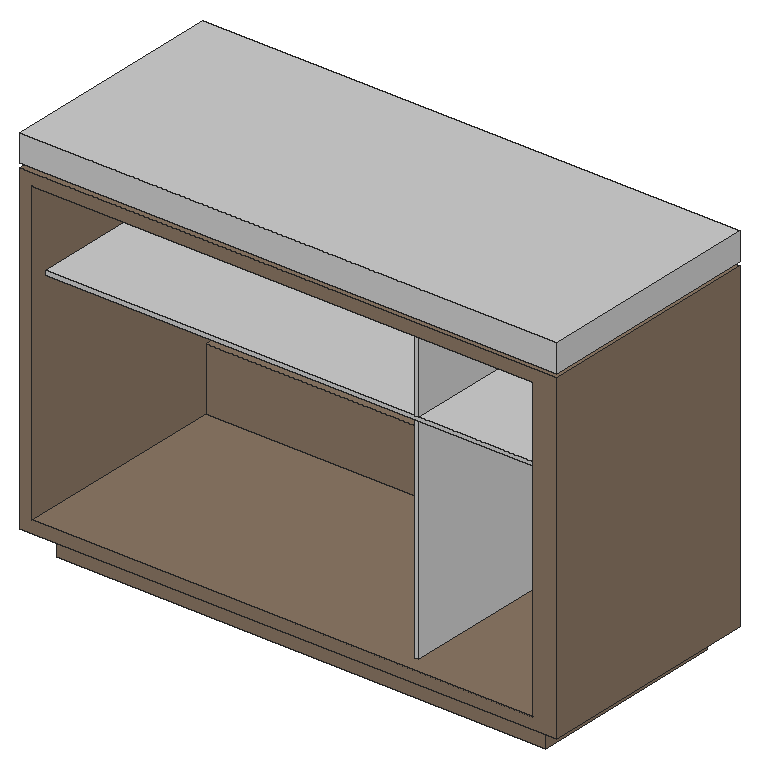
Revit family
Parameters
  URL = "http://www.martinbrattrud.com"
  Table Top [instance] = none
  SCS Certified Product = "Yes"
  Model = "Links 293-34L"
  Manufacturer = "Martin Brattrud, Inc."
  Leg [instance] = none
  Keynote = "125000"
  Foot [instance] = none
  Copyright = "© 2013 Martin Brattrud, Inc."
  Chair [instance] = none
  Authoring Version = "Revit Architecture 2010"
  Assembly Code = "E2020200"
Reference planes (in)
  plane 1 "Center Front/Back": y = 0
  plane 2: z = 0
  plane 3 "Center Left/Right": x = 0
  plane 4: z = 22.00852
  plane 5: z = 0
  plane 6: z = 1.5
  plane 7: x = -17
  plane 8: x = 17
  plane 9: x = -7.25
  plane 10: x = -6.25
  plane 11: x = 6.25
  plane 12: x = -15.5
  plane 13: x = 17
  plane 14: x = 15.5
  plane 15: x = -14.62
  plane 16: x = 14.62
  plane 17: z = 21.25852
  plane 18: z = 2.25
  plane 19: x = -16.25
  plane 20: x = 16.25
  plane 21: y = 7.25
  plane 22: y = 6.5
  plane 23: z = 6.25
  plane 24: z = 15.75
  plane 25: z = 22.25
  plane 26: x = -15.5
  plane 27: z = 24
  plane 28: z = 22.25
  plane 29: z = 16.00852
  plane 30: y = -7.25
Forms (in)
  Extrusion 1, solid
    sketch origin (-6.75002, 21.86807, 0) x (0, -1, 0) y (1, 0, 0)
      loop
        line (15.36807, 22.25002) -> (15.36807, -8.74998) -> (28.11807, -8.74998) -> (28.11807, 22.25002) -> (15.36807, 22.25002)
    from 0 to 1.5
  Extrusion 2, void
    sketch origin (35.75, -30.5, -0.5) x (0, -1, 0) y (0, 0, 1)
      loop
        line (-23.25, 21.75852) -> (-36.75, 21.75852) -> (-36.75, 2.75) -> (-23.25, 2.75) -> (-23.25, 21.75852)
    from 20.25 to 52
  Extrusion 3, solid
    sketch origin (0, 0, -0.25) x (0, 1, 0) y (0, 0, -1)
      loop
        line (-7.25, -1.75) -> (-7.25, -22.25852) -> (7.25, -22.25852) -> (7.25, -1.75) -> (-7.25, -1.75)
    from -17 to 17
  Extrusion 4, void
    sketch origin (35.75, -30.5, -4.5) x (0, -1, 0) y (0, 0, 1)
      loop
        line (-28.16438, 20.25) -> (-38.75, 20.25) -> (-38.75, 6.75) -> (-28.16438, 6.75) -> (-28.16438, 20.25)
    from 20.25 to 52
  Extrusion 5, solid
    sketch origin (-6.75002, 21.86807, 22.00852) x (0, -1, 0) y (1, 0, 0)
      loop
        line (15.36807, 23.00002) -> (15.36807, -9.49998) -> (28.11807, -9.49998) -> (28.11807, 23.00002) -> (15.36807, 23.00002)
    from 0 to 0.24148
  Extrusion 6, solid
    sketch origin (-6.75002, 21.86807, 23.75852) x (0, -1, 0) y (1, 0, 0)
      loop
        line (14.61807, 23.75002) -> (14.61807, -10.24998) -> (29.11807, -10.24998) -> (29.11807, 23.75002) -> (14.61807, 23.75002)
    from -1.50852 to 0.24148
  Extrusion 7, solid
    sketch origin (-6.75002, 21.86807, 17.25852) x (0, -1, 0) y (1, 0, 0)
      loop
        line (15.36807, 22.25002) -> (15.36807, -9.49998) -> (28.11807, -9.49998) -> (28.11807, 22.25002) -> (15.36807, 22.25002)
    from -1.50852 to -1.25
  Extrusion 8, solid
    sketch origin (5.99148, 21.86807, -1.7415) x (0, -1, 0) y (0, 0, 1)
      loop
        line (15.36807, 17.4915) -> (15.36807, 3.9915) -> (28.11807, 3.9915) -> (28.11807, 17.4915) -> (15.36807, 17.4915)
    from -1.50852 to -1.25
  Extrusion 9, solid
    sketch origin (5.99148, 21.86807, 12.01702) x (0, -1, 0) y (0, 0, 1)
      loop
        line (15.36807, 9.2415) -> (15.36807, 3.9915) -> (28.11807, 3.9915) -> (28.11807, 9.2415) -> (15.36807, 9.2415)
    from -1.50852 to -1.25
  Extrusion 10, solid
    sketch origin (0, 0, 0) x (1, 0, 0) y (0, 0, 1)
      loop
        line (-16.25, 2.25) -> (15.5, 2.25) -> (15.5, 6.25) -> (-16.25, 6.25) -> (-16.25, 2.25)
    from -7.25 to -6.5
Cuts and joins
  Extrusion 2, Extrusion 4 cuts Extrusion 3
  joined: Extrusion 3, Extrusion 10
